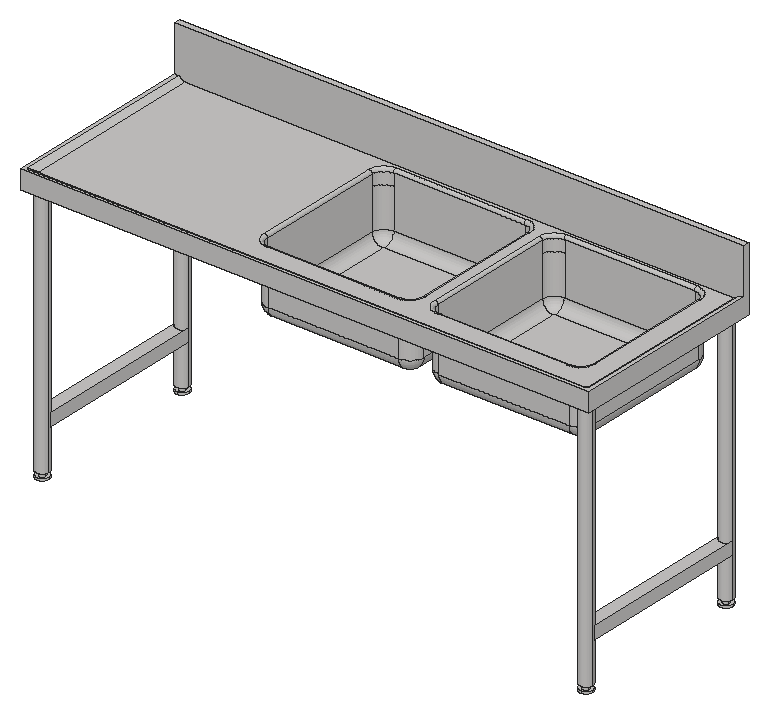
Revit family
Parameters (values of type "1850 X 650 Bowl Right End")
  Material = Stainless Steel Grade 304
  Depth of Bowl = 230 mm
  Width of Bowl = 505 mm
  Length of Bowl = 505 mm
  Distance of Bowl = 100 mm
  Waste Connection Radius = Waste Connection Diameter / 2  # 20 mm
  Waste Connection Diameter = 40 mm
  WFU = 0
  URL = "http://www.autospec.co.za/browse.php?id=1644179283"
  Product Code = "None"
  OmniClass Title = ""
  OmniClass Number = ""
  Modspec Classification = ""
  Specification = ""
  Location (revit room) = ""
  Bowl Position [instance] = if(Bowl Position End, Distance of Bowl, if(Bowl Position Center, (Length / 2 - Length of Bowl - 25 mm), Distance of Bowl))  # 100 mm
  Description = ""
  Colour = none
  Bowl Position End = yes
  Bowl Position Center = not(Bowl Position End)  # no
  Body Finish = none
  Splashback Height = 150 mm
  Width = 650 mm
  Model = "Catering Sink Double Bowl Right End Series KS2-1850 X 650"
  Manufacturer = "Kwikot"  # constant formula
  Length = 1850 mm
  Height = 1050 mm
  Assembly Code = "E1090300"
Reference planes
  plane 1 "Center (Front/Back)": y = 0
  plane 2 "Bottom": z = 0
  plane 3 "Center (Left/Right)": x = 0
  plane 4 "Left": x = -925
  plane 5 "Right": x = 925
  plane 6 "Front": y = -650
  plane 7 "Top": z = 1050
  plane 8: z = 900
  plane 9: z = 840
  plane 10: z = 670
  plane 11: y = -295
  plane 12: x = 572.5
  plane 13: x = 17.5
  plane 14: x = 825
  plane 15: x = 270
  plane 16: x = -235
  plane 17: x = 320
  plane 18: y = -42.5
  plane 19: y = -547.5
Forms (mm)
  Extrusion 1, solid, material "Stainless Steel Grade 304" <- "Material"
    sketch origin (-925, -491, 4000) x (0, -1, 0) y (0, 0, 1)
      loop
        line (-491, -3160) -> (159, -3160) -> (159, -3100) -> (-471, -3100) -> (-471, -2950) -> (-491, -2950) -> (-491, -3160)
    from 0 to -1850
  Blend 2, void
    base sketch origin (-779.234, -1524, 900) x (0, -1, 0) y (1, 0, 0)
      loop
        arc (-891, -133.766) -> (-887.464, -132.302) -> (-886, -128.766) r 5
        line (-886, -128.766) -> (-886, 1687.234)
        arc (-886, 1687.234) -> (-887.464, 1690.769) -> (-891, 1692.234) r 5
        line (-891, 1692.234) -> (-1504, 1692.234) -> (-1504, -133.766) -> (-891, -133.766)
    top sketch origin (-779.234, -1524, 900) x (0, -1, 0) y (1, 0, 0)
      loop
        line (-1504, -113.766) -> (-911, -113.766)
        arc (-911, -113.766) -> (-907.464, -112.302) -> (-906, -108.766) r 5
        line (-906, -108.766) -> (-906, 1667.234)
        arc (-906, 1667.234) -> (-907.464, 1670.769) -> (-911, 1672.234) r 5
        line (-911, 1672.234) -> (-1504, 1672.234) -> (-1504, -113.766)
    from 0 to -12
  Extrusion 3, void
    sketch origin (-779.234, -1524, 840) x (0, -1, 0) y (-1, 0, 0)
      loop
        line (-1481.5, -1139.234) -> (-1481.5, -1564.234)
        arc (-1481.5, -1564.234) -> (-1469.784, -1592.518) -> (-1441.5, -1604.234) r 40
        line (-1441.5, -1604.234) -> (-1016.5, -1604.234)
        arc (-1016.5, -1604.234) -> (-988.216, -1592.518) -> (-976.5, -1564.234) r 40
        line (-976.5, -1564.234) -> (-976.5, -1139.234)
        arc (-976.5, -1139.234) -> (-988.216, -1110.949) -> (-1016.5, -1099.234) r 40
        line (-1016.5, -1099.234) -> (-1441.5, -1099.234)
        arc (-1441.5, -1099.234) -> (-1469.784, -1110.949) -> (-1481.5, -1139.234) r 40
      loop
        arc (-1481.5, -1009.234) -> (-1469.784, -1037.518) -> (-1441.5, -1049.234) r 40
        line (-1441.5, -1049.234) -> (-1016.5, -1049.234)
        arc (-1016.5, -1049.234) -> (-988.216, -1037.518) -> (-976.5, -1009.234) r 40
        line (-976.5, -1009.234) -> (-976.5, -584.234)
        arc (-976.5, -584.234) -> (-988.216, -555.949) -> (-1016.5, -544.234) r 40
        line (-1016.5, -544.234) -> (-1441.5, -544.234)
        arc (-1441.5, -544.234) -> (-1469.784, -555.949) -> (-1481.5, -584.234) r 40
        line (-1481.5, -584.234) -> (-1481.5, -1009.234)
    from 0 to -60
  Sweep 4, solid, material "Stainless Steel Grade 304" <- "Material"
    path origin (-779.234, -1524, 900) x (-1, 0, 0) y (0, -1, 0)
      loop
        line (-1099.234, -1441.5) -> (-1099.234, -1016.5)
        arc (-1099.234, -1016.5) -> (-1110.949, -988.216) -> (-1139.234, -976.5) r 40
        line (-1139.234, -976.5) -> (-1564.234, -976.5)
        arc (-1564.234, -976.5) -> (-1592.518, -988.216) -> (-1604.234, -1016.5) r 40
        line (-1604.234, -1016.5) -> (-1604.234, -1441.5)
        arc (-1604.234, -1441.5) -> (-1592.518, -1469.784) -> (-1564.234, -1481.5) r 40
        line (-1564.234, -1481.5) -> (-1139.234, -1481.5)
        arc (-1139.234, -1481.5) -> (-1110.949, -1469.784) -> (-1099.234, -1441.5) r 40
    profile origin (320, -295, 900) x (1, 0, 0) y (0, 0, 1)
      loop
        line (0, -12) -> (-5, -12) -> (-5, -190)
        arc (-5, -190) -> (6.716, -218.284) -> (35, -230) r 40
        line (35, -230) -> (35, -225)
        arc (35, -225) -> (10.251, -214.749) -> (0, -190) r 35
        line (0, -190) -> (0, -12)
  Sweep 5, solid, material "Stainless Steel Grade 304" <- "Material"
    path origin (-779.234, -1524, 900) x (-1, 0, 0) y (0, -1, 0)
      loop
        line (-544.234, -1441.5) -> (-544.234, -1016.5)
        arc (-544.234, -1016.5) -> (-555.949, -988.216) -> (-584.234, -976.5) r 40
        line (-584.234, -976.5) -> (-1009.234, -976.5)
        arc (-1009.234, -976.5) -> (-1037.518, -988.216) -> (-1049.234, -1016.5) r 40
        line (-1049.234, -1016.5) -> (-1049.234, -1441.5)
        arc (-1049.234, -1441.5) -> (-1037.518, -1469.784) -> (-1009.234, -1481.5) r 40
        line (-1009.234, -1481.5) -> (-584.234, -1481.5)
        arc (-584.234, -1481.5) -> (-555.949, -1469.784) -> (-544.234, -1441.5) r 40
    profile origin (-235, -295, 900) x (1, 0, 0) y (0, 0, 1)
      loop
        line (0, -12) -> (-5, -12) -> (-5, -190)
        arc (-5, -190) -> (6.716, -218.284) -> (35, -230) r 40
        line (35, -230) -> (35, -225)
        arc (35, -225) -> (10.251, -214.749) -> (0, -190) r 35
        line (0, -190) -> (0, -12)
  Extrusion 6, solid, material "Stainless Steel Grade 304" <- "Material"
    sketch origin (-779.234, -1524, 670) x (-1, 0, 0) y (0, -1, 0)
      loop
        arc (-579.234, -1016.5) -> (-580.698, -1012.964) -> (-584.234, -1011.5) r 5
        line (-584.234, -1011.5) -> (-1009.234, -1011.5)
        arc (-1009.234, -1011.5) -> (-1012.769, -1012.964) -> (-1014.234, -1016.5) r 5
        line (-1014.234, -1016.5) -> (-1014.234, -1441.5)
        arc (-1014.234, -1441.5) -> (-1012.769, -1445.036) -> (-1009.234, -1446.5) r 5
        line (-1009.234, -1446.5) -> (-584.234, -1446.5)
        arc (-584.234, -1446.5) -> (-580.698, -1445.036) -> (-579.234, -1441.5) r 5
        line (-579.234, -1441.5) -> (-579.234, -1016.5)
      loop
        circle (-796.734, -1229) r 26
    from 0 to 5
  Extrusion 7, solid, material "Stainless Steel Grade 304" <- "Material"
    sketch origin (-779.234, -1524, 670) x (-1, 0, 0) y (0, -1, 0)
      loop
        arc (-1134.234, -1016.5) -> (-1135.698, -1012.964) -> (-1139.234, -1011.5) r 5
        line (-1139.234, -1011.5) -> (-1564.234, -1011.5)
        arc (-1564.234, -1011.5) -> (-1567.769, -1012.964) -> (-1569.234, -1016.5) r 5
        line (-1569.234, -1016.5) -> (-1569.234, -1441.5)
        arc (-1569.234, -1441.5) -> (-1567.769, -1445.036) -> (-1564.234, -1446.5) r 5
        line (-1564.234, -1446.5) -> (-1139.234, -1446.5)
        arc (-1139.234, -1446.5) -> (-1135.698, -1445.036) -> (-1134.234, -1441.5) r 5
        line (-1134.234, -1441.5) -> (-1134.234, -1016.5)
      loop
        circle (-1351.734, -1229) r 26
    from 0 to 5
  Blend 8, solid, material "Stainless Steel Grade 304" <- "Material"
    base sketch origin (-779.234, -1524, 670) x (-1, 0, 0) y (0, -1, 0)
      loop
        circle (-796.734, -1229) r 26
    top sketch origin (-779.234, -1524, 670) x (-1, 0, 0) y (0, -1, 0)
      loop
        circle (-796.734, -1229) r 20
    from 0 to -5
  Blend 9, solid, material "Stainless Steel Grade 304" <- "Material"
    base sketch origin (-779.234, -1524, 670) x (-1, 0, 0) y (0, -1, 0)
      loop
        circle (-1351.734, -1229) r 26
    top sketch origin (-779.234, -1524, 670) x (-1, 0, 0) y (0, -1, 0)
      loop
        circle (-1351.734, -1229) r 20
    from 0 to -5
  Sweep 10, void
    path origin (-779.234, -1524, 900) x (-1, 0, 0) y (0, -1, 0)
      loop
        line (-544.234, -1441.5) -> (-544.234, -1016.5)
        arc (-544.234, -1016.5) -> (-555.949, -988.216) -> (-584.234, -976.5) r 40
        line (-584.234, -976.5) -> (-1009.234, -976.5)
        arc (-1009.234, -976.5) -> (-1037.518, -988.216) -> (-1049.234, -1016.5) r 40
        line (-1049.234, -1016.5) -> (-1049.234, -1441.5)
        arc (-1049.234, -1441.5) -> (-1037.518, -1469.784) -> (-1009.234, -1481.5) r 40
        line (-1009.234, -1481.5) -> (-584.234, -1481.5)
        arc (-584.234, -1481.5) -> (-555.949, -1469.784) -> (-544.234, -1441.5) r 40
    profile origin (-235, -295, 900) x (1, 0, 0) y (0, 0, 1)
      loop
        line (0, -12) -> (-10, -12)
        arc (-10, -12) -> (-2.929, -14.929) -> (0, -22) r 10
        line (0, -22) -> (0, -12)
  Sweep 11, void
    path origin (-779.234, -1524, 900) x (-1, 0, 0) y (0, -1, 0)
      loop
        line (-1099.234, -1441.5) -> (-1099.234, -1016.5)
        arc (-1099.234, -1016.5) -> (-1110.949, -988.216) -> (-1139.234, -976.5) r 40
        line (-1139.234, -976.5) -> (-1564.234, -976.5)
        arc (-1564.234, -976.5) -> (-1592.518, -988.216) -> (-1604.234, -1016.5) r 40
        line (-1604.234, -1016.5) -> (-1604.234, -1441.5)
        arc (-1604.234, -1441.5) -> (-1592.518, -1469.784) -> (-1564.234, -1481.5) r 40
        line (-1564.234, -1481.5) -> (-1139.234, -1481.5)
        arc (-1139.234, -1481.5) -> (-1110.949, -1469.784) -> (-1099.234, -1441.5) r 40
    profile origin (320, -295, 900) x (1, 0, 0) y (0, 0, 1)
      loop
        line (0, -12) -> (-10, -12)
        arc (-10, -12) -> (-2.929, -14.929) -> (0, -22) r 10
        line (0, -22) -> (0, -12)
  Extrusion 12, solid, material "Stainless Steel Grade 304" <- "Material"
    sketch origin (0, 0, 0) x (1, 0, 0) y (0, 1, 0)
      loop
        circle (-885, -610) r 21
      loop
        circle (-885, -40) r 21
      loop
        circle (885, -610) r 21
      loop
        circle (885, -40) r 21
    from 0 to 5
  Extrusion 13, solid, material "Stainless Steel Grade 304" <- "Material"
    sketch origin (0, 0, 0) x (1, 0, 0) y (0, 1, 0)
      loop
        circle (885, -610) r 10
      loop
        circle (885, -40) r 10
      loop
        circle (-885, -40) r 10
      loop
        circle (-885, -610) r 10
    from 5 to 20
  Extrusion 14, solid, material "Stainless Steel Grade 304" <- "Material"
    sketch origin (-779.234, -1524, 840) x (-1, 0, 0) y (0, -1, 0)
      loop
        circle (105.766, -914) r 21
      loop
        circle (105.766, -1484) r 21
      loop
        circle (-1664.234, -1484) r 21
      loop
        circle (-1664.234, -914) r 21
    from 0 to -820
  Extrusion 15, solid, material "Stainless Steel Grade 304" <- "Material"
    sketch origin (0, 0, 0) x (1, 0, 0) y (0, 1, 0)
      loop
        line (-864, -610) -> (-864, -40)
        arc (-864, -40) -> (-885, -61) -> (-906, -40) r 21
        line (-906, -40) -> (-906, -610)
        arc (-906, -610) -> (-885, -589) -> (-864, -610) r 21
      loop
        line (864, -40) -> (864, -610)
        arc (864, -610) -> (885, -589) -> (906, -610) r 21
        line (906, -610) -> (906, -40)
        arc (906, -40) -> (885, -61) -> (864, -40) r 21
    from 150 to 190
Cuts and joins
  Blend 2, Extrusion 3, Sweep 10, Sweep 11 cuts Extrusion 1
  Sweep 10, Sweep 11 cuts Sweep 4
  Sweep 10, Sweep 11 cuts Sweep 5
  Sweep 10, Sweep 11 cuts Extrusion 6
  Sweep 10, Sweep 11 cuts Extrusion 7
  joined: Extrusion 1, Sweep 4, Sweep 5, Extrusion 6, Extrusion 7, Blend 8, Blend 9
Lines and regions (mm)
  symbolic lines
    curve 1: line (-925, 0, 750) -> (-925, -650, 750)
    curve 2: line (925, 0, 750) -> (-925, 0, 750)
    curve 3: line (925, -650, 750) -> (925, 0, 750)
    curve 4: line (-925, -650, 750) -> (925, -650, 750)
    curve 5: line (-925, -20, 750) -> (925, -20, 750)
    curve 6: line (-913, -633, 1050) -> (-913, -20, 1050)
    curve 7: arc (-908, -638, 1050) -> (-911.536, -636.536, 1050) -> (-913, -633, 1050) r 5
    curve 8: line (908, -638, 1050) -> (-908, -638, 1050)
    curve 9: line (-893, -20, 1050) -> (-893, -613, 1050)
    curve 10: arc (-893, -613, 1050) -> (-891.536, -616.536, 1050) -> (-888, -618, 1050) r 5
    curve 11: line (-888, -618, 1050) -> (888, -618, 1050)
    curve 12: arc (888, -618, 1050) -> (891.536, -616.536, 1050) -> (893, -613, 1050) r 5
    curve 13: line (893, -613, 1050) -> (893, -20, 1050)
    curve 14: arc (913, -633, 1050) -> (911.536, -636.536, 1050) -> (908, -638, 1050) r 5
    curve 15: line (913, -20, 1050) -> (913, -633, 1050)
    curve 16: line (785, -547.5, 1050) -> (360, -547.5, 1050)
    curve 17: arc (360, -547.5, 1050) -> (331.716, -535.784, 1050) -> (320, -507.5, 1050) r 40
    curve 18: line (320, -507.5, 1050) -> (320, -82.5, 1050)
    curve 19: arc (320, -82.5, 1050) -> (331.716, -54.216, 1050) -> (360, -42.5, 1050) r 40
    curve 20: line (360, -42.5, 1050) -> (785, -42.5, 1050)
    curve 21: arc (785, -42.5, 1050) -> (813.284, -54.216, 1050) -> (825, -82.5, 1050) r 40
    curve 22: line (825, -82.5, 1050) -> (825, -507.5, 1050)
    curve 23: arc (825, -507.5, 1050) -> (813.284, -535.784, 1050) -> (785, -547.5, 1050) r 40
    curve 24: line (-235, -82.5, 1050) -> (-235, -507.5, 1050)
    curve 25: arc (-235, -82.5, 1050) -> (-223.284, -54.216, 1050) -> (-195, -42.5, 1050) r 40
    curve 26: line (230, -42.5, 1050) -> (-195, -42.5, 1050)
    curve 27: arc (230, -42.5, 1050) -> (258.284, -54.216, 1050) -> (270, -82.5, 1050) r 40
    curve 28: line (270, -507.5, 1050) -> (270, -82.5, 1050)
    curve 31: arc (270, -507.5, 1050) -> (258.284, -535.784, 1050) -> (230, -547.5, 1050) r 40
    curve 32: line (-195, -547.5, 1050) -> (230, -547.5, 1050)
    curve 33: arc (-195, -547.5, 1050) -> (-223.284, -535.784, 1050) -> (-235, -507.5, 1050) r 40
  symbolic lines, detail levels fine
    curve 29: arc (-8.5, -295, 1050) -> (17.5, -269, 1050) -> (43.5, -295, 1050) r 26
    curve 30: arc (43.5, -295, 1050) -> (17.5, -321, 1050) -> (-8.5, -295, 1050) r 26
    curve 34: arc (598.5, -295, 1050) -> (572.5, -321, 1050) -> (546.5, -295, 1050) r 26
    curve 35: arc (546.5, -295, 1050) -> (572.5, -269, 1050) -> (598.5, -295, 1050) r 26
Dimensions and locks
  equal spacing: plane 4 "Left", plane 3 "Center (Left/Right)", plane 5 "Right"
  "Length": plane 4 "Left" to plane 5 "Right"
  "Width": plane 1 "Center (Front/Back)" to plane 6 "Front"
  "Height": plane 7 "Top" to level
  "Splashback Height": plane 7 "Top" to plane 8
  Blend 2 sketch curve to plane 6 "Front" = 12 mm
  plane 11 to plane 1 "Center (Front/Back)" = 295 mm
  Blend 2 sketch curve to var sketch = 20 mm  (x2)
  var sketch to Blend 2 sketch curve = 20 mm
  "Depth of Bowl": plane 8 to plane 10
  "Width of Bowl": plane 18 to plane 19
  "Length of Bowl": plane 16 to plane 15
  equal spacing: plane 16, plane 13, plane 15
  "Length of Bowl": plane 17 to plane 14
  equal spacing: plane 17, plane 12, plane 14
  plane 8 to plane 9 = 60 mm
  plane 4 "Left" to Extrusion 12 sketch curve = 40 mm  (x2)
  Extrusion 12 sketch curve to plane 6 "Front" = 40 mm  (x2)
  Extrusion 12 sketch curve to plane 1 "Center (Front/Back)" = 40 mm  (x2)
  Extrusion 12 sketch curve to plane 5 "Right" = 40 mm  (x2)
  Extrusion 13 sketch curve to plane 1 "Center (Front/Back)" = 40 mm  (x2)
  plane 4 "Left" to Extrusion 13 sketch curve = 40 mm  (x2)
  Extrusion 13 sketch curve to plane 6 "Front" = 40 mm  (x2)
  Extrusion 13 sketch curve to plane 5 "Right" = 40 mm  (x2)
  Extrusion 15 to plane 2 "Bottom" = 150 mm
  "Bowl Position": plane 14 to plane 5 "Right"
  plane 15 to plane 17 = 50 mm
  equal spacing: plane 18, plane 11, plane 19
  radius of Extrusion 3 sketch curve = 40 mm  (x8)
  radius of Extrusion 7 sketch curve = 26 mm
  "Waste Connection Radius": radius of Blend 8 sketch curve
  "Waste Connection Radius": radius of Blend 9 sketch curve
  radius of Extrusion 12 sketch curve = 21 mm  (x4)
  radius of Extrusion 13 sketch curve = 10 mm  (x4)
  aligned and locked: level to plane 2 "Bottom"
  aligned and locked: Extrusion 1 sketch curve to plane 9
  aligned and locked: Extrusion 1 sketch curve to plane 1 "Center (Front/Back)"
  aligned and locked: plane 8 to Extrusion 1 sketch curve
  aligned and locked: Extrusion 1 sketch curve to plane 6 "Front"
  aligned and locked: plane 7 "Top" to Extrusion 1 sketch curve
  aligned and locked: plane 4 "Left" to Extrusion 1
  aligned and locked: Extrusion 1 to plane 5 "Right"
  aligned and locked: var sketch to Blend 2 sketch curve
  aligned and locked: plane 8 to Extrusion 3
  aligned and locked: Extrusion 3 to plane 9
  aligned and locked: Sweep 4 sketch curve to cut or joined group 1 (Extrusion 1, Blend 2, Extrusion 3, Sweep 4, Sweep 5, Extrusion 6, Extrusion 7, Blend 8, Blend 9, Sweep 10, Sweep 11)  (x6)
  aligned and locked: curve 7 to cut or joined group 1
  aligned and locked: curve 9 to cut or joined group 1
  aligned and locked: curve 10 to cut or joined group 1
  aligned and locked: curve 12 to cut or joined group 1
  aligned and locked: curve 14 to cut or joined group 1
  aligned and locked: curve 15 to cut or joined group 1
  aligned and locked: curve 17 to cut or joined group 1
  aligned and locked: curve 19 to cut or joined group 1
  aligned and locked: curve 21 to cut or joined group 1
  aligned and locked: curve 23 to cut or joined group 1
  aligned and locked: Sweep 5 sketch curve to cut or joined group 1  (x6)
  aligned and locked: Extrusion 6 sketch curve to cut or joined group 1  (x4)
  aligned and locked: plane 11 to Extrusion 6 sketch curve
  aligned and locked: plane 13 to Extrusion 6 sketch curve
  aligned and locked: Extrusion 7 sketch curve to cut or joined group 1  (x4)
  aligned and locked: plane 11 to Extrusion 7 sketch curve
  aligned and locked: plane 12 to Extrusion 7 sketch curve
  aligned and locked: curve 25 to cut or joined group 1
  aligned and locked: curve 27 to cut or joined group 1
  aligned and locked: curve 29 to cut or joined group 1
  aligned and locked: curve 30 to cut or joined group 1
  aligned and locked: curve 31 to cut or joined group 1
  aligned and locked: curve 33 to cut or joined group 1
  aligned and locked: curve 34 to cut or joined group 1
  aligned and locked: curve 35 to cut or joined group 1
  aligned and locked: Blend 8 sketch curve to cut or joined group 1  (x2)
  aligned and locked: plane 11 to Blend 8 sketch curve
  aligned and locked: plane 13 to Blend 8 sketch curve
  aligned and locked: Blend 9 sketch curve to cut or joined group 1  (x2)
  aligned and locked: plane 11 to Blend 9 sketch curve
  aligned and locked: plane 12 to Blend 9 sketch curve
  aligned and locked: plane 10 to Sweep 5 sketch curve
  aligned and locked: plane 10 to Sweep 4 sketch curve
  aligned and locked: plane 18 to Extrusion 3 sketch curve
  aligned and locked: Extrusion 3 sketch curve to plane 18
  aligned and locked: plane 19 to Extrusion 3 sketch curve
  aligned and locked: Extrusion 3 sketch curve to plane 19
  aligned and locked: plane 16 to Extrusion 3 sketch curve
  aligned and locked: plane 15 to Extrusion 3 sketch curve
  aligned and locked: plane 17 to Extrusion 3 sketch curve
  aligned and locked: plane 14 to Extrusion 3 sketch curve
  aligned and locked: Sweep 10 sketch curve to cut or joined group 1  (x4)
  aligned and locked: profile plane to Sweep 10 sketch curve
  aligned and locked: cut or joined group 1 to Sweep 10 sketch curve
  aligned and locked: Sweep 11 sketch curve to cut or joined group 1  (x4)
  aligned and locked: profile plane to Sweep 11 sketch curve
  aligned and locked: cut or joined group 1 to Sweep 11 sketch curve
  aligned and locked: Extrusion 12 to plane 2 "Bottom"
  aligned and locked: Extrusion 13 to Extrusion 12
  aligned and locked: Extrusion 14 sketch curve to Extrusion 12  (x8)
  aligned and locked: plane 9 to Extrusion 14
  aligned and locked: Extrusion 14 to Extrusion 13
  aligned and locked: Extrusion 15 sketch curve to Extrusion 14  (x4)
Automatic sketch dimensions
  plane 1 "Center (Front/Back)" to Extrusion 1 sketch curve = 20 mm
  Blend 2 sketch curve to Blend 2 sketch curve = 5 mm  (x4)
  plane 1 "Center (Front/Back)" to Blend 2 sketch curve = 20 mm
  Blend 2 sketch curve to plane 4 "Left" = 12 mm
  plane 5 "Right" to Blend 2 sketch curve = 17 mm
  plane 1 "Center (Front/Back)" to curve 3 = 0 mm
  curve 3 to plane 5 "Right" = 0 mm
  curve 4 to plane 4 "Left" = 0 mm
  curve 4 to plane 6 "Front" = 0 mm
  curve 1 to curve 5 = 20 mm
  plane 1 "Center (Front/Back)" to curve 15 = 20 mm
  plane 1 "Center (Front/Back)" to curve 9 = 20 mm
  plane 1 "Center (Front/Back)" to curve 13 = 20 mm
  curve 6 to curve 9 = 0 mm
  Sweep 5 sketch curve to Sweep 5 sketch curve = 0 mm
  profile plane to Sweep 5 sketch curve = 5 mm
  Sweep 5 sketch curve to profile plane = 35 mm
  Sweep 4 sketch curve to Sweep 4 sketch curve = 0 mm
  profile plane to Sweep 4 sketch curve = 5 mm
  Sweep 4 sketch curve to Sweep 4 sketch curve = 35 mm
  Sweep 10 sketch curve to Sweep 10 sketch curve = 10 mm  (x3)
  Sweep 10 sketch curve to Sweep 10 sketch curve = 0 mm
  profile plane to Sweep 10 sketch curve = 0 mm
  Sweep 11 sketch curve to Sweep 11 sketch curve = 10 mm  (x3)
  Sweep 11 sketch curve to Sweep 11 sketch curve = 0 mm
  profile plane to Sweep 11 sketch curve = 0 mm
  radius of Extrusion 6 sketch curve = 26 mm
Connectors
  piping at (17.5, -295, 665), driven by "Waste Connection Radius", driven by "WFU"
    settings: on Blend 8, index 1, connector radius 20 mm, flow factor 0, pipe flow 0.0 L/s, pressure drop 0.0 Pa, fitting loss kfactor 0, connector angle 0.00°, fixture units 0, flow configuration 3, flow direction 2, fitting loss method 0, system type 16, connector reference index -1, connector utility 0, adjustable connector no, is connector primary yes, fitting loss table "", connector description "Waste Connection"
  piping at (572.5, -295, 665), driven by "Waste Connection Radius", driven by "WFU"
    settings: on Blend 9, index 2, connector radius 20 mm, flow factor 0, pipe flow 0.0 L/s, pressure drop 0.0 Pa, fitting loss kfactor 0, connector angle 0.00°, fixture units 0, flow configuration 3, flow direction 2, fitting loss method 0, system type 16, connector reference index -1, connector utility 0, adjustable connector no, is connector primary no, fitting loss table "", connector description "Waste Connection"
